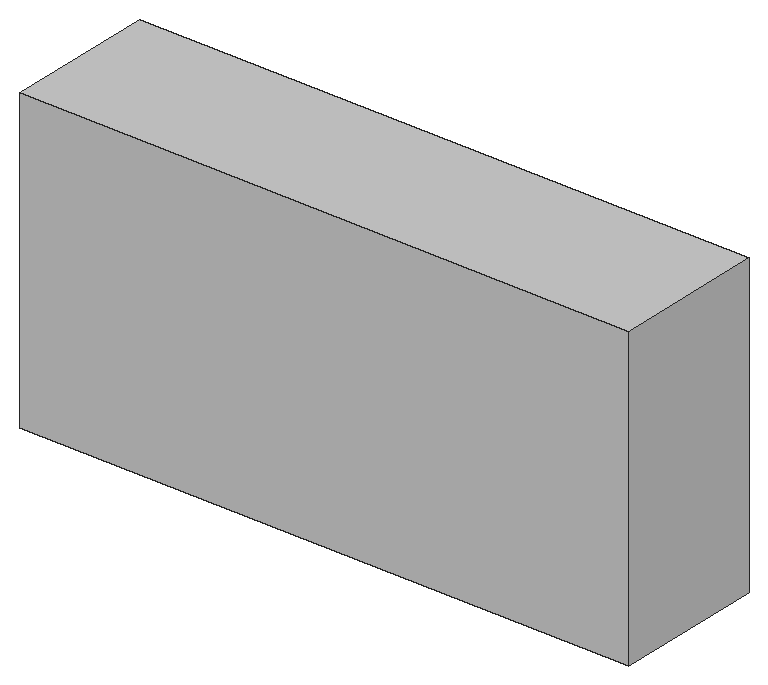
Revit family "混凝土 - 矩形梁", category 结构框架, Revit 2025
Family settings
  显示在隐藏视图中 = 被其他构件隐藏的边缘
  结构框架长度舍入 = 1 mm
  截面形状 = 未定义
  用于模型行为的材质 = 混凝土
  始终导出为几何图形 = 否
  总是垂直 = 是
  载入时剪切的空心 = 否
  符号表示法 = 从族
  共享 = 否
  在平面视图中显示族的预剪切 = 是
Parameters (values of type "300 x 600mm")
  Structural Material [instance] = 混凝土 - 现场浇注混凝土
  Assembly Code = ""
  Length [instance] = 1524 mm
  b = 300 mm
  h = 600 mm
Types (2, lengths in mm): name | Structural Material | b | h
  400 x 800mm | none | 400 | 800
  300 x 600mm | 混凝土 - 现场浇注混凝土 | 300 | 600
Reference planes
  plane 1 "中心(前/后)": y = 0
  plane 2: z = 0
  plane 3 "中心(左/右)": x = 4.61
  plane 4 "左构件": x = -604.99
  plane 5 "右构件": x = 614.21
  plane 6: y = 150
  plane 7: y = -150
  plane 8: z = 300
  plane 9 "底": z = -300
  plane 10 "左": x = -757.39
  plane 11 "右": x = 766.61
Forms (mm)
  Sweep 1, solid, material "混凝土 - 现场浇注混凝土" <- "Structural Material"
    path origin (0, 0, 0) x (1, 0, 0) y (0, 1, 0)
      loop
        line (614.21, 0) -> (-604.99, 0)
    profile "M_矩形梁 - 轮廓 : M_矩形梁 - 轮廓" origin (4.61, 0, 0) x (0, -1, 0) y (0, 0, 1)
      loop
        line (-150, -300) -> (150, -300) -> (150, 300) -> (-150, 300) -> (-150, -300)
Dimensions and locks
  "b": plane 6 to plane 7
  equal spacing: plane 9 "底", plane 2, plane 8
  equal spacing: plane 6, plane 1 "中心(前/后)", plane 7
  "h": plane 9 "底" to plane 8
  "Length": plane 10 "左" to plane 11 "右"
  aligned and locked: Sweep 1 sketch curve to plane 1 "中心(前/后)"
  aligned and locked: plane 4 "左构件" to Sweep 1 sketch curve
  aligned and locked: plane 5 "右构件" to Sweep 1 sketch curve
